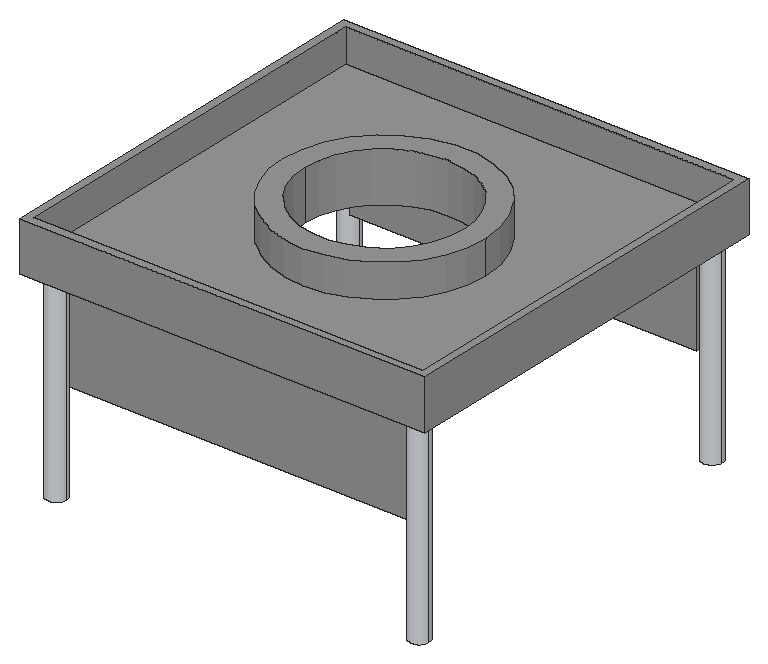
Revit family "Nivellierbare Kassette für Tubus, RKFN, 20, 9", category Generic Models, Revit 2015
Parameters (values of type "RKFN2 9 VS 20")
  Width = 243 mm
  URL = "http://www.obo-bettermann.com"
  Material = Stainless Steel, Polished
  Manufacturer Art.No. = "7409368"
  Manufacturer = "OBO Bettermann"
  Length = 243 mm
  HeightCalc = if(Height < 105 mm, 105 mm, (if(Height > 150 mm, 150 mm, Height)))  # 150 mm
  Height 1 = 30 mm
  Height = 150 mm
  GTIN = "4012195869047"
  Cut depth = 20 mm
  Article Type = "RKFN2 9 VS 20"
Reference planes
  plane 1 "Center (Front/Back)": y = 0
  plane 2: z = 0
  plane 3 "Center (Left/Right)": x = 0
  plane 4: y = 121.5
  plane 5: y = -121.5
  plane 6: z = 150
  plane 7: z = 59
  plane 8: z = 130
  plane 9: z = 120
Forms (mm)
  Extrusion 1, solid
    sketch origin (0, 0, 0) x (1, 0, 0) y (0, 1, 0)
      loop
        circle (-109, -110) r 6
      loop
        circle (-109, 110) r 6
      loop
        circle (109, 110) r 6
      loop
        circle (109, -110) r 6
    from 0 to 120
  Extrusion 2, solid, material "Stainless Steel, Polished" <- "Material"
    sketch origin (0, 0, 0) x (1, 0, 0) y (0, 0, 1)
      loop
        line (-121.5, 150) -> (-121.5, 120) -> (121.5, 120) -> (121.5, 150) -> (-121.5, 150)
    from -121.5 to 121.5
  Extrusion 3, solid, material "Stainless Steel, Polished" <- "Material"
    sketch origin (0, 0, 0) x (1, 0, 0) y (0, 1, 0)
      loop
        line (-104.2, -104.3) -> (-104.2, -106.3) -> (104.2, -106.3) -> (104.2, -104.3) -> (-104.2, -104.3)
      loop
        line (-104.2, 106.3) -> (-104.2, 104.3) -> (104.2, 104.3) -> (104.2, 106.3) -> (-104.2, 106.3)
    from 59 to 120
  Extrusion 4, void
    sketch origin (0, 0, 0) x (1, 0, 0) y (0, 1, 0)
      loop
        line (-117.05, 117.05) -> (-117.05, -117.05) -> (117.05, -117.05) -> (117.05, 117.05) -> (-117.05, 117.05)
      loop
        circle (0, 0) r 61
    from 130 to 150
  Extrusion 5, void
    sketch origin (0, 0, 0) x (1, 0, 0) y (0, 1, 0)
      loop
        circle (0, 0) r 47.77
    from 120 to 150
Cuts and joins
  Extrusion 4 cuts Extrusion 1
  Extrusion 4, Extrusion 5 cuts Extrusion 2
  Extrusion 4 cuts Extrusion 3
Dimensions and locks
  "Width": Extrusion 2 sketch curve to Extrusion 2 sketch curve
  "HeightCalc": plane 6 to level
  locked: Extrusion 3 sketch curve to Extrusion 3 sketch curve at 208.4  (x2)
  locked: Extrusion 3 sketch curve to Extrusion 2 at 15.2
  locked: Extrusion 3 sketch curve to Extrusion 3 sketch curve at 2  (x2)
  "Cut depth": plane 6 to plane 8
  "Length": plane 4 to plane 5
  locked: plane 3 "Center (Left/Right)" to Extrusion 2 sketch curve at 121.5
  locked: plane 4 to plane 1 "Center (Front/Back)" at 121.5
  locked: Extrusion 1 sketch curve to plane 1 "Center (Front/Back)" at 110  (x2)
  locked: plane 3 "Center (Left/Right)" to Extrusion 1 sketch curve at 109  (x2)
  locked: Extrusion 1 sketch curve to plane 3 "Center (Left/Right)" at 109  (x2)
  locked: plane 1 "Center (Front/Back)" to Extrusion 1 sketch curve at 110  (x2)
  "Height 1": plane 6 to plane 9
  locked: Extrusion 3 sketch curve to plane 3 "Center (Left/Right)" at 104.2  (x2)
  locked: cut or joined group of Extrusion 2, Extrusion 4, Extrusion 5 to Extrusion 3 sketch curve at 15.2
  locked: plane 9 to plane 7 at 61
  locked: Extrusion 4 sketch curve to Extrusion 4 sketch curve at 234.1  (x2)
  equal spacing: Extrusion 4 sketch curve, plane 3 "Center (Left/Right)", Extrusion 4 sketch curve, locked at 117.05 each
  equal spacing: Extrusion 4 sketch curve, plane 1 "Center (Front/Back)", Extrusion 4 sketch curve, locked at 117.05 each
  diameter of Extrusion 1 sketch curve = 12 mm  (x4)
  diameter of Extrusion 5 sketch curve = 95.54 mm
  aligned and locked: level to plane 2
  aligned and locked: plane 5 to Extrusion 2
  aligned and locked: Extrusion 2 to plane 4
  aligned and locked: plane 6 to Extrusion 2
  aligned and locked: Extrusion 1 to Extrusion 3
  aligned and locked: Extrusion 3 to plane 7
  aligned and locked: cut or joined group of Extrusion 2, Extrusion 4, Extrusion 5 to Extrusion 4
  aligned and locked: Extrusion 4 to plane 8
  aligned and locked: Extrusion 2 to plane 9
  aligned and locked: Extrusion 1 to cut or joined group of Extrusion 2, Extrusion 4, Extrusion 5
  aligned and locked: Extrusion 2 to Extrusion 5  (x2)
Automatic sketch dimensions
  Extrusion 2 sketch curve to plane 6 = 0 mm
  plane 9 to Extrusion 2 sketch curve = 0 mm
  plane 1 "Center (Front/Back)" to Extrusion 4 sketch curve = 0 mm
  Extrusion 4 sketch curve to plane 3 "Center (Left/Right)" = 0 mm
  plane 1 "Center (Front/Back)" to Extrusion 5 sketch curve = 0 mm
  Extrusion 5 sketch curve to plane 3 "Center (Left/Right)" = 0 mm
  radius of Extrusion 4 sketch curve = 61 mm
